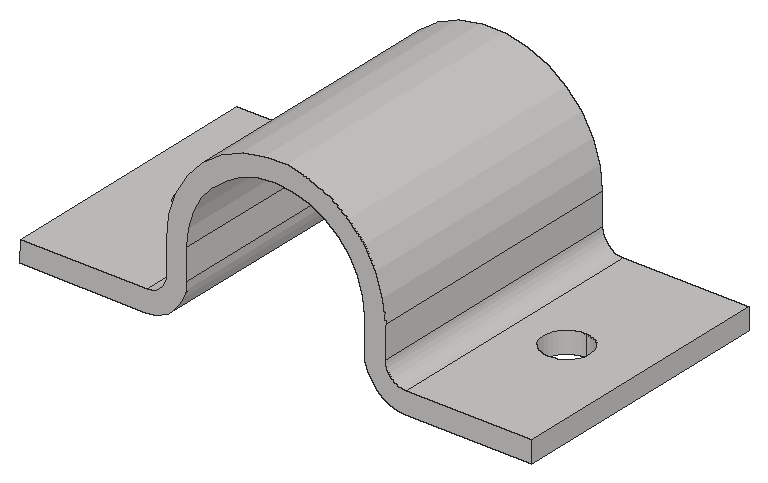
Revit family "Pipe-Strap-Atkore-Single-Piece-P2558-07", category Specialty Equipment, Revit 2012
Parameters (values of type "P2558-07")
  ecoScorecard_data = ""
  ecoScorecard Product Page = ""
  Unit = Metal - Aluminum - Atkore - Electro - Galvanized
  URL = "http://unistrut.us/index.php"
  Thickness = 3.20 mm
  Subcategory = "Pipe Strap"  # constant formula
  Product Page URL = ""
  Part Type = "Strap"  # constant formula
  Part Number = "P2558-07"
  Overall Width = 77.79 mm
  Overall Height = 27.745 mm
  Overall Depth = 41.275 mm
  Outer Diameter = 14.70 mm  # constant formula
  Model = "P2558-07"  # constant formula
  Material = "Multiple Options - See Catalog"
  Manufacturer Toll Free Phone = "800-882-5543"  # constant formula
  Manufacturer Phone = "708-339-1610"  # constant formula
  Manufacturer Fax = "708-339-7814"  # constant formula
  Manufacturer Email = "mailto:questions@atkore.com"
  Manufacturer Address = "16100 South Lathrop Avenue, Harvey, IL 60426"  # constant formula
  Manufacturer = "Unistrut by Atkore International"  # constant formula
  Load Capacity Note = "Visit the product page for load application and capacity."  # constant formula
  Literature URL = ""
  Description = "Single Piece Pipe Strap"  # constant formula
  Cost Info = "mailto:questions@atkore.com"
  Construction Note = ""
  Conduit Size = 9.50 mm  # constant formula
  CSI MasterSpec = ""
  CAD URL = ""
  Assembly Code = "D5090300"
  95 CSI = "16070"  # constant formula
  04 CSI = "26 05 48"  # constant formula
Reference planes
  plane 1 "Center (Front/Back)": y = 0
  plane 2: z = 0
  plane 3 "Center (Left/Right)": x = 0
  plane 4: y = 20.637
  plane 5: y = -20.637
  plane 6: x = -38.895
  plane 7: x = 38.895
  plane 8: z = 27.745
  plane 9: x = -25.4
Dimensions and locks
  equal spacing: plane 4, plane 1 "Center (Front/Back)", plane 5
  "Overall Height": plane 8 to level
  "Overall Depth": plane 4 to plane 5
  "Overall Width": plane 6 to plane 7
  equal spacing: plane 6, plane 3 "Center (Left/Right)", plane 7
  plane 6 to plane 9 = 13.495 mm
  aligned and locked: level to plane 2
  aligned and locked: plane 3 "Center (Left/Right)" to nested 1
  aligned and locked: plane 1 "Center (Front/Back)" to nested 1
Nested families
  nested 1: "P2558-07" at (0, 0, 0), type "P2558-07"
Definition of nested family "P2558-07"
  Parameters (values of type "P2558-07")
    Unit = none
    Default Elevation = 0.00 mm
    C = 11.10 mm
    B = 7.10 mm
    A = 77.79 mm
  Reference planes
    plane 1 "Center (Front/Back)": y = 0
    plane 2: z = 0
    plane 3 "Center (Left/Right)": x = 0
    plane 4: y = -20.638
    plane 5: x = -38.895
    plane 6: x = 38.895
    plane 7: y = 20.637
    plane 8: z = 23.019
    plane 9: x = -16.669
    plane 10: z = 3.2
  Forms (mm)
    Sweep 1, solid, material <- "Unit"
      path origin (0, 0, 0) x (1, 0, 0) y (0, 1, 0)
        loop
          line (0, 20.637) -> (0, -20.638)
      profile origin (0, 0, 0) x (1, 0, 0) y (0, 0, 1)
        loop
          arc (16.669, 11.112) -> (0.039, 27.742) -> (-16.59, 11.112) r 16.629
          line (-16.59, 11.112) -> (-16.59, 6.338)
          arc (-16.59, 6.338) -> (-17.502, 4.136) -> (-19.704, 3.224) r 3.114
          line (-19.704, 3.224) -> (-21.115, 3.224) -> (-21.115, 0) -> (-19.844, 0)
          arc (-19.844, 0) -> (-15.354, 1.86) -> (-13.494, 6.35) r 6.35
          line (-13.494, 6.35) -> (-13.494, 11.112)
          arc (-13.494, 11.112) -> (0, 24.606) -> (13.494, 11.112) r 13.494
          line (13.494, 11.112) -> (13.494, 6.35)
          arc (13.494, 6.35) -> (15.354, 1.86) -> (19.844, 0) r 6.35
          line (19.844, 0) -> (21.115, 0) -> (21.115, 3.2) -> (19.844, 3.2)
          arc (19.844, 3.2) -> (17.599, 4.13) -> (16.669, 6.375) r 3.175
          line (16.669, 6.375) -> (16.669, 11.112)
    Sweep 2, solid, material <- "Unit"
      path origin (0, 0, 0) x (1, 0, 0) y (0, 0, 1)
        loop
          line (-31.628, 3.2) -> (-31.628, 0)
      profile origin (-31.628, 0, 1.6) x (0, -1, 0) y (1, 0, 0)
        loop
          line (-20.638, -7.267) -> (20.637, -7.267) -> (20.637, 10.512) -> (-20.638, 10.512) -> (-20.638, -7.267)
        loop
          circle (0, 3.846) r 3.572
    Sweep 3, solid, material <- "Unit"
      path origin (0, 0, 0) x (-1, 0, 0) y (0, 0, 1)
        loop
          line (-31.628, 3.2) -> (-31.628, 0)
      profile origin (31.628, 0, 1.6) x (0, -1, 0) y (1, 0, 0)
        loop
          line (-20.638, 7.267) -> (-20.638, -10.512) -> (20.637, -10.512) -> (20.637, 7.267) -> (-20.638, 7.267)
        loop
          circle (0, -3.846) r 3.572
  Cuts and joins
    joined: Sweep 1, Sweep 2, Sweep 3
  Dimensions and locks
    equal spacing: plane 4, plane 1 "Center (Front/Back)", plane 7
    plane 10 to level = 3.20 mm
    aligned and locked: plane 2 to level
    aligned and locked: plane 7 to Sweep 1 sketch curve
    aligned and locked: plane 4 to Sweep 1 sketch curve
  Automatic sketch dimensions
    Sweep 1 sketch curve to plane 3 "Center (Left/Right)" = 0.00 mm
    Sweep 1 sketch curve to Sweep 1 sketch curve = 0.025 mm
    Sweep 1 sketch curve to level = 0.00 mm  (x2)
    profile plane to Sweep 1 sketch curve = 0.00 mm
    Sweep 1 sketch curve to Sweep 1 sketch curve = 13.494 mm
    Sweep 1 sketch curve to Sweep 1 sketch curve = 3.096 mm
    Sweep 1 sketch curve to Sweep 1 sketch curve = 3.114 mm
    Sweep 1 sketch curve to Sweep 1 sketch curve = 0.14 mm
    Sweep 1 sketch curve to Sweep 1 sketch curve = 1.412 mm
    Sweep 1 sketch curve to profile plane = 0.039 mm
    Sweep 1 sketch curve to Sweep 1 sketch curve = 3.126 mm
    Sweep 1 sketch curve to Sweep 1 sketch curve = 4.775 mm
    Sweep 1 sketch curve to Sweep 1 sketch curve = 0.00 mm  (x2)
    Sweep 2 sketch curve to level = 0.00 mm
    Sweep 2 sketch curve to plane 10 = 0.00 mm
    plane 5 to Sweep 2 sketch curve = 7.267 mm
    plane 1 "Center (Front/Back)" to Sweep 2 sketch curve = 0.00 mm
    profile plane to Sweep 2 sketch curve = 7.267 mm
    Sweep 2 sketch curve to plane 1 "Center (Front/Back)" = 20.638 mm
    plane 1 "Center (Front/Back)" to Sweep 2 sketch curve = 20.637 mm
    Sweep 2 sketch curve to profile plane = 3.846 mm
    Sweep 2 sketch curve to profile plane = 10.512 mm
    Sweep 3 sketch curve to level = 0.00 mm
    Sweep 3 sketch curve to plane 10 = 0.00 mm
    plane 6 to Sweep 3 sketch curve = 7.267 mm
    plane 1 "Center (Front/Back)" to Sweep 3 sketch curve = 0.00 mm
    Sweep 3 sketch curve to profile plane = 7.267 mm
    Sweep 3 sketch curve to plane 1 "Center (Front/Back)" = 20.638 mm
    plane 1 "Center (Front/Back)" to Sweep 3 sketch curve = 20.637 mm
    profile plane to Sweep 3 sketch curve = 3.846 mm
    profile plane to Sweep 3 sketch curve = 10.512 mm
    Sweep 1 sketch curve to Sweep 1 sketch curve = 3.175 mm
    Sweep 1 sketch curve to Sweep 1 sketch curve = 1.272 mm
    radius of Sweep 2 sketch curve = 3.572 mm
    radius of Sweep 3 sketch curve = 3.572 mm
